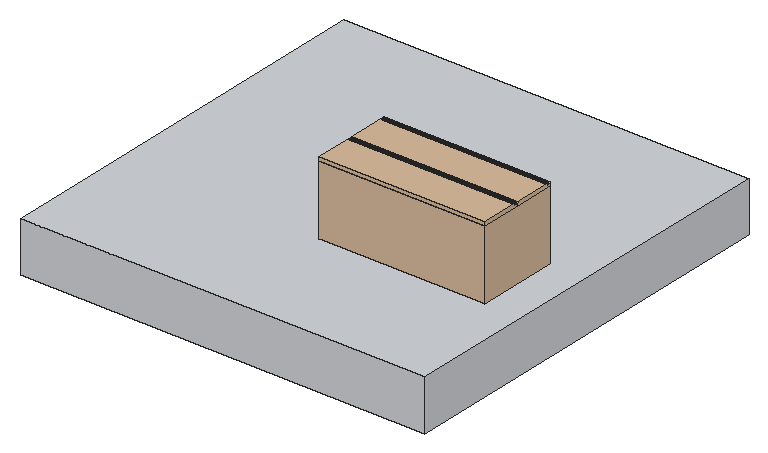
Revit family "IS_Mavone_Multiproduct_BIM_FR_T0050;T0051;T0052", category Plumbing Fixtures, host Face, Revit 2017
Family settings
  Host = Face
  Round Connector Dimension = Use Diameter
  Part Type = Normal
  OmniClass Number = 23.45.05.14
  OmniClass Title = Plumbing Fixtures - Sanitary Washing Units
  Cut with Voids When Loaded = No
  Shared = Yes
  Room Calculation Point = No
Parameters (values of type "T0052VI - Mavone 1000mm wall hung vanity unit - 2 drawers - Light Wood")
  ZoneDeMesure = "n/a"
  WFU = 0
  UrlDuFabricant = "www.idealstandard.be"
  UnitéMonétaire = "Euro"
  UnitéDeTemps = "an"
  UnitéDeMesure = "millimeters"
  Uniclass2015Version = "Products v1.1"
  Uniclass2015Title = "Bathroom integrated duct work"
  Uniclass2015Code = "Pr_40_30_78_04"
  URL = "www.idealstandard.be"
  Téléphone = "0032 2 325 66 00"
  TypeDImmobilisation = "n/a"
  Révision = "T0052VI"
  Référence = "n/a"
  Raccordement = "Plomberie"
  Profondeur = 0 mm
  PoidsNet = "n/a"
  PoidsBrut = "n/a"
  PiècesDétachées = "isaftersalesbelgium@idealstandard.com"
  PerformanceDeDurabilité = "n/a"
  PerformanceAccessibilité = "n/a"
  Nom = "n/a"
  Model = "T0052VI"
  Matériel = "n/a"
  Marque = "Ideal Standard"
  Manufacturer = "www.idealstandard.be"
  MainColor = "White"
  Longueur = 440 mm
  LienUtile = "www.idealstandard.be"
  Largeur = 1000 mm
  Laminate = SOT_Sottini_Laminate_LightWood_VI_Render
  Keynote = "n/a"
  InformationsProduit = "www.idealstandard.be"
  IfcExportType = "USERDEFINED"
  IfcExportAs = "IfcFurnitureType"
  Hauteur = 490 mm
  Handle = SOT_Sottini_Fittings_Chrome_Render
  HWFU = 0
  Grade = "n/a"
  GarantieDeTravail = "n/a"
  Forme = "Rectangulaire"
  Finition = "Bois naturel"
  Espace = "Interne"
  EffectuéPar = "n/a"
  DétailGarantie = "n/a"
  DébitL/Mn = "n/a"
  DuréeGarantie = "n/a"
  DuréeDeVie = "n/a"
  DuréeDeGarantieDesPièces = "n/a"
  DuréeDeGarantieDeTravail = "n/a"
  Dimensions = ""
  Description = "MEUBLE DEUX TIROIRS 1000x440 BOIS NATUREL"
  Default Elevation = 900 mm
  DateDeCréation = "2018_08_15"
  CoûtDeRemplacement = 0
  Couleur = "Bois naturel"
  Cost = 0
  ContactGarantieDesPièces = "isaftersalesbelgium@idealstandard.com"
  ConseilsDInstallation = "www.idealstandard.be"
  Conformité = "n/a"
  Composants = "n/a"
  CodeBarre = "0"
  Caractéristiques = "MEUBLE DEUX TIROIRS 1000x440 BOIS NATUREL"
  CWFU = 0
  Bim-NomDuProjet = "ISI_IdealStandard_Furniture_Mavone_T0052VI"
  Auteur = "Ideal Standard"
  Assembly Code = "C1030200"
  Accessoires = "www.idealstandard.be"
Types (9, lengths in mm): name | Révision | Model | Largeur | Laminate | Hauteur | Finition | Description | Couleur | Caractéristiques | Bim-NomDuProjet
  T0050OV - Mavone 600mm wall hung vanity unit - 2 drawers - Gloss White | "T0050OV" | "T0050OV" | 600 | SOT_Sottini_Laminate_White_OV_Render | 490 | "Blanc laqué" | "MEUBLE DEUX TIROIRS 600x440 BLANC LAQUE" | "Blanc laqué" | "MEUBLE DEUX TIROIRS 600x440 BLANC LAQUE" | "ISI_IdealStandard_Furniture_Mavone_T0050OV"
  T0051OV - Mavone 800mm wall hung vanity unit - 2 drawers - Gloss White | "T0051OV" | "T0051OV" | 800 | SOT_Sottini_Laminate_White_OV_Render | 490 | "Blanc laqué" | "MEUBLE DEUX TIROIRS 800x440 BLANC LAQUE" | "Blanc laqué" | "MEUBLE DEUX TIROIRS 800x440 BLANC LAQUE" | "ISI_IdealStandard_Furniture_Mavone_T0051OV"
  T0052OV - Mavone 1000mm wall hung vanity unit - 2 drawers - Gloss White | "T0052OV" | "T0052OV" | 1000 | SOT_Sottini_Laminate_White_OV_Render | 490 | "Blanc laqué" | "MEUBLE DEUX TIROIRS 1000x440 BLANC LAQUE" | "Blanc laqué" | "MEUBLE DEUX TIROIRS 1000x440 BLANC LAQUE" | "ISI_IdealStandard_Furniture_Mavone_T0052OV"
  T0050PH - Mavone 600mm wall hung vanity unit - 2 drawers - Gloss Light Grey | "T0050PH" | "T0050PH" | 600 | SOT_Sottini_Laminate_GlossLightGrey_PH_Render | 490 | "Gris plume brillant" | "MEUBLE DEUX TIROIRS 600x440 GRIS PLUME BRILLANT" | "Gris plume brillant" | "MEUBLE DEUX TIROIRS 600x440 GRIS PLUME BRILLANT" | "ISI_IdealStandard_Furniture_Mavone_T0050PH"
  T0050VI - Mavone 600mm wall hung vanity unit - 2 drawers - Light Wood | "T0050VI" | "T0050VI" | 600 | SOT_Sottini_Laminate_LightWood_VI_Render | 490 | "Bois naturel" | "MEUBLE DEUX TIROIRS 600x440 BOIS NATUREL" | "Bois naturel" | "MEUBLE DEUX TIROIRS 600x440 BOIS NATUREL" | "ISI_IdealStandard_Furniture_Mavone_T0050VI"
  T0051PH - Mavone 800mm wall hung vanity unit - 2 drawers - Gloss Light Grey | "T0051PH" | "T0051PH" | 800 | SOT_Sottini_Laminate_GlossLightGrey_PH_Render | 490 | "Gris plume brillant" | "MEUBLE DEUX TIROIRS 800x440 GRIS PLUME BRILLANT" | "Gris plume brillant" | "MEUBLE DEUX TIROIRS 800x440 GRIS PLUME BRILLANT" | "ISI_IdealStandard_Furniture_Mavone_T0051PH"
  T0051VI - Mavone 800mm wall hung vanity unit - 2 drawers - Light Wood | "T0051VI" | "T0051VI" | 800 | SOT_Sottini_Laminate_LightWood_VI_Render | 490 | "Bois naturel" | "MEUBLE DEUX TIROIRS 800x440 BOIS NATUREL" | "Bois naturel" | "MEUBLE DEUX TIROIRS 800x440 BOIS NATUREL" | "ISI_IdealStandard_Furniture_Mavone_T0051VI"
  T0052PH - Mavone 1000mm wall hung vanity unit - 2 drawers - Gloss Light Grey | "T0052PH" | "T0052PH" | 1000 | SOT_Sottini_Laminate_GlossLightGrey_PH_Render | 440 | "Gris plume brillant" | "MEUBLE DEUX TIROIRS 1000x440 GRIS PLUME BRILLANT" | "Gris plume brillant" | "MEUBLE DEUX TIROIRS 1000x440 GRIS PLUME BRILLANT" | "ISI_IdealStandard_Furniture_Mavone_T0052PH"
  T0052VI - Mavone 1000mm wall hung vanity unit - 2 drawers - Light Wood | "T0052VI" | "T0052VI" | 1000 | SOT_Sottini_Laminate_LightWood_VI_Render | 490 | "Bois naturel" | "MEUBLE DEUX TIROIRS 1000x440 BOIS NATUREL" | "Bois naturel" | "MEUBLE DEUX TIROIRS 1000x440 BOIS NATUREL" | "ISI_IdealStandard_Furniture_Mavone_T0052VI"
Reference planes
  plane 1 "Center (Front/Back)": y = 0
  plane 2: z = 0
  plane 3 "Center (Left/Right)": x = 0
  plane 4: x = 1000
  plane 5: y = -490
  plane 6: z = 440
  plane 7: x = 500
  plane 8: z = 420
  plane 9: x = 18
  plane 10: x = 982
  plane 11: z = 18
  plane 12: y = -246
  plane 13: y = -245
  plane 14: y = -25
  plane 15: y = -271
  plane 16: y = -472
  plane 17: z = 430
Forms (mm)
  Extrusion 1, solid
    sketch origin (0, 0, 0) x (1, 0, 0) y (0, 1, 0)
      loop
        line (-1219.2, 1219.2) -> (-1219.2, -1219.2) -> (1219.2, -1219.2) -> (1219.2, 1219.2) -> (-1219.2, 1219.2)
    from 0 to -304.8
  Extrusion 2, solid, material "SOT_Sottini_Laminate_LightWood_VI_Render" <- "Laminate"
    sketch origin (0, 0, 0) x (1, 0, 0) y (0, 1, 0)
      loop
        line (0, 0) -> (0, -490) -> (1000, -490) -> (1000, 0) -> (0, 0)
    from 0 to 420
  Extrusion 3, solid, material "SOT_Sottini_Laminate_LightWood_VI_Render" <- "Laminate"
    sketch origin (-151.676, -4572, 420) x (-1, 0, 0) y (0, -1, 0)
      loop
        line (-151.676, -4572) -> (-151.676, -4327) -> (-1151.676, -4327) -> (-1151.676, -4572) -> (-151.676, -4572)
      loop
        line (-151.676, -4326) -> (-151.676, -4082) -> (-1151.676, -4082) -> (-1151.676, -4326) -> (-151.676, -4326)
    from 0 to 20
  Extrusion 4, void
    sketch origin (0, 0, 0) x (-1, 0, 0) y (0, 0, 1)
      loop
        line (-18, 420) -> (-982, 420) -> (-982, 18) -> (-18, 18) -> (-18, 420)
    from -472 to 0
  Extrusion 5, void
    sketch origin (1000, 224.191, 1219.2) x (0, -1, 0) y (0, 0, 1)
      loop
        line (224.191, -779.2) -> (224.191, -789.2) -> (249.191, -789.2) -> (249.191, -779.2) -> (224.191, -779.2)
      loop
        line (470.191, -779.2) -> (470.191, -789.2) -> (495.191, -789.2) -> (495.191, -779.2) -> (470.191, -779.2)
    from 0 to 1000
  Sweep 6, solid, material "SOT_Sottini_Fittings_Chrome_Render" <- "Handle"
    path origin (-151.676, -4572, 420) x (-1, 0, 0) y (0, -1, 0)
      loop
        line (-151.676, -4572) -> (-1151.676, -4572)
    profile origin (500, 0, 420) x (0, 1, 0) y (0, 0, 1)
      loop
        line (-25, 20) -> (-25, 10) -> (0, 10) -> (0, 20) -> (-9.5, 20)
        arc (-9.5, 20) -> (-9.854, 19.854) -> (-10, 19.5) r 0.5
        line (-10, 19.5) -> (-10, 18.542)
        arc (-10, 18.542) -> (-9.852, 18.186) -> (-9.496, 18.039) r 0.504
        line (-9.496, 18.039) -> (-2, 18.039) -> (-2, 12) -> (-23, 12) -> (-23, 20.5)
        arc (-23, 20.5) -> (-23.146, 20.854) -> (-23.5, 21) r 0.5
        line (-23.5, 21) -> (-25, 21) -> (-25, 20)
  Sweep 7, solid, material "SOT_Sottini_Fittings_Chrome_Render" <- "Handle"
    path origin (-151.676, -4818, 420) x (-1, 0, 0) y (0, -1, 0)
      loop
        line (-151.676, -4572) -> (-1151.676, -4572)
    profile origin (500, -246, 420) x (0, 1, 0) y (0, 0, 1)
      loop
        line (-25, 20) -> (-25, 10) -> (0, 10) -> (0, 20) -> (-9.5, 20)
        arc (-9.5, 20) -> (-9.854, 19.854) -> (-10, 19.5) r 0.5
        line (-10, 19.5) -> (-10, 18.542)
        arc (-10, 18.542) -> (-9.852, 18.186) -> (-9.496, 18.039) r 0.504
        line (-9.496, 18.039) -> (-2, 18.039) -> (-2, 12) -> (-23, 12) -> (-23, 20.5)
        arc (-23, 20.5) -> (-23.146, 20.854) -> (-23.5, 21) r 0.5
        line (-23.5, 21) -> (-25, 21) -> (-25, 20)
Cuts and joins
  Extrusion 4 cuts Extrusion 2
  Extrusion 5 cuts Extrusion 3
Dimensions and locks
  "Largeur": plane 3 "Center (Left/Right)" to plane 4
  "Hauteur": plane 1 "Center (Front/Back)" to plane 5
  "Longueur": plane 6 to level
  equal spacing: plane 3 "Center (Left/Right)", plane 7, plane 4
  equal spacing: plane 5, plane 13, plane 1 "Center (Front/Back)"
  equal spacing: plane 9, plane 7, plane 10
  aligned and locked: plane 2 to Extrusion 1
  aligned and locked: level to Extrusion 1
  aligned and locked: plane 1 "Center (Front/Back)" to Extrusion 2 sketch curve
  aligned and locked: plane 3 "Center (Left/Right)" to Extrusion 2 sketch curve
  aligned and locked: plane 5 to Extrusion 2 sketch curve
  aligned and locked: Extrusion 2 sketch curve to plane 4
  aligned and locked: Extrusion 2 to plane 8
  aligned and locked: Extrusion 2 to level
  aligned and locked: Extrusion 3 sketch curve to Extrusion 2  (x5)
  aligned and locked: Extrusion 3 sketch curve to plane 13
  aligned and locked: plane 12 to Extrusion 3 sketch curve
  aligned and locked: plane 3 "Center (Left/Right)" to Extrusion 3 sketch curve
  aligned and locked: Extrusion 3 to plane 6
  aligned and locked: Extrusion 3 to plane 8
  aligned and locked: plane 8 to Extrusion 4 sketch curve
  aligned and locked: Extrusion 4 sketch curve to plane 9
  aligned and locked: Extrusion 4 sketch curve to plane 11
  aligned and locked: plane 10 to Extrusion 4 sketch curve
  aligned and locked: plane 16 to Extrusion 4
  aligned and locked: Extrusion 4 to plane 1 "Center (Front/Back)"
  aligned and locked: Extrusion 5 sketch curve to Extrusion 3  (x4)
  aligned and locked: plane 17 to Extrusion 5 sketch curve  (x2)
  aligned and locked: Extrusion 5 sketch curve to plane 14
  aligned and locked: Extrusion 5 sketch curve to plane 15
  aligned and locked: Extrusion 5 to plane 3 "Center (Left/Right)"
  aligned and locked: plane 4 to Extrusion 5
Automatic sketch dimensions
  Extrusion 1 sketch curve to Extrusion 1 sketch curve = 2438.4 mm  (x2)
  plane 1 "Center (Front/Back)" to Sweep 6 sketch curve = 0 mm
  Sweep 6 sketch curve to plane 4 = 0 mm
  Sweep 6 sketch curve to plane 3 "Center (Left/Right)" = 0 mm
  Sweep 6 sketch curve to profile plane = 0 mm
  profile plane to Sweep 6 sketch curve = 2 mm
  Sweep 6 sketch curve to Sweep 6 sketch curve = 7.496 mm
  Sweep 6 sketch curve to Sweep 6 sketch curve = 0.004 mm
  Sweep 6 sketch curve to Sweep 6 sketch curve = 0.5 mm  (x3)
  Sweep 6 sketch curve to Sweep 6 sketch curve = 13 mm
  Sweep 6 sketch curve to Sweep 6 sketch curve = 1.5 mm
  plane 8 to Sweep 6 sketch curve = 10 mm
  Sweep 6 sketch curve to Sweep 6 sketch curve = 2 mm
  Sweep 6 sketch curve to Sweep 6 sketch curve = 6.039 mm
  Sweep 6 sketch curve to Sweep 6 sketch curve = 0.958 mm
  Sweep 6 sketch curve to Sweep 6 sketch curve = 8 mm
  Sweep 7 sketch curve to plane 4 = 0 mm
  Sweep 7 sketch curve to plane 3 "Center (Left/Right)" = 0 mm
  plane 12 to Sweep 7 sketch curve = 0 mm
  Sweep 7 sketch curve to profile plane = 0 mm
  profile plane to Sweep 7 sketch curve = 2 mm
  Sweep 7 sketch curve to Sweep 7 sketch curve = 7.496 mm
  Sweep 7 sketch curve to Sweep 7 sketch curve = 0.004 mm
  Sweep 7 sketch curve to Sweep 7 sketch curve = 0.5 mm  (x3)
  Sweep 7 sketch curve to Sweep 7 sketch curve = 13 mm
  Sweep 7 sketch curve to Sweep 7 sketch curve = 1.5 mm
  plane 8 to Sweep 7 sketch curve = 10 mm
  Sweep 7 sketch curve to Sweep 7 sketch curve = 2 mm
  Sweep 7 sketch curve to Sweep 7 sketch curve = 6.039 mm
  Sweep 7 sketch curve to Sweep 7 sketch curve = 0.958 mm
  Sweep 7 sketch curve to Sweep 7 sketch curve = 8 mm
